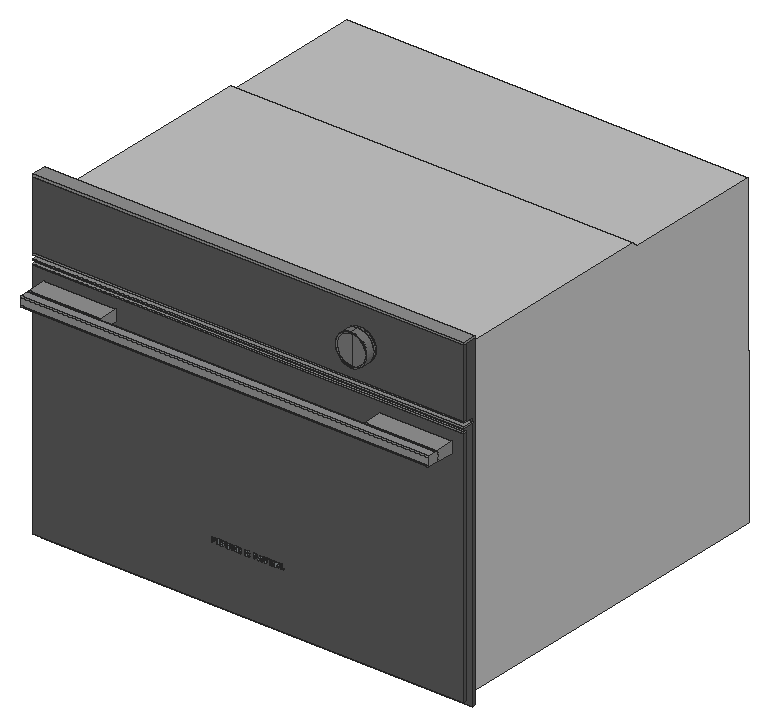
Revit family "FP-Revit19-en-OS60NMTDB1-CombinationSteamOven-0-90003170A-AU-NZ-CN-IE-UK", category Specialty Equipment, Revit 2019
Family settings
  Round Connector Dimension = Use Diameter
  Part Type = Normal
  OmniClass Number = 23.40.40.14.17.11
  OmniClass Title = Cookers, Ovens, Stoves
  Work Plane-Based = No
  Always vertical = Yes
  Cut with Voids When Loaded = Yes
  Shared = No
  Room Calculation Point = No
Parameters (values of type "OS60NMTDB1")
  Visibility - Clearance Required = yes
  URL = "www.fisherpaykel.com"
  Product - Height = 458 mm  # constant formula
  Product - Width = 596 mm  # constant formula
  Product - Depth (Exc. Handles) = 565 mm  # constant formula
  Opening - Height = 460 mm  # constant formula
  Model = "OS60NMTDB1"
  Material - Trim = Fisher & Paykel - Aluminium, Dark
  Material - Structure = Fisher & Paykel - Black
  Material - Handle = Fisher & Paykel - Aluminium, Dark
  Material - Glass = Fisher & Paykel - Glass, Black
  Material - Dial = Fisher & Paykel - Aluminium, Dark, Matt
  Material - Body = Fisher & Paykel - Grey
  Manufacturer = "Fisher & Paykel Appliances"
  FFL Offset [instance] = 900 mm
  Description = "Combination Steam Oven, 60cm, 23 Function"
  Connector Description - Electrical = "220-250V, 50Hz ,15A"
  Chassis - Width = 556 mm  # constant formula
  Chassis - Height = 435 mm  # constant formula
  Chassis - Depth = 545 mm  # constant formula
  Cavity - Width = 560 mm  # constant formula
  Cavity - Height = 440 mm  # constant formula
  Cavity - Depth = 550 mm  # constant formula
Reference planes
  plane 1 "Datum": y = 0
  plane 2: z = -2
  plane 3 "Center (Left/Right)": x = 0
  plane 4 "Product - LHS": x = -298
  plane 5 "Product - RHS": x = 298
  plane 6 "Cavity - RHS": x = 280
  plane 7 "FFL Offset": z = 898
  plane 8 "Chassis - Depth": y = 545
  plane 9 "Front Face": y = -20
  plane 10 "Chassis - Height": z = 1333
  plane 11 "Cavity - Height": z = 1338
  plane 12 "Opening - Height": z = 1358
  plane 13 "Cavity - LHS": x = -280
  plane 14 "Cavity - Depth": y = 550
  plane 15 "Product - Height": z = 1356
  plane 16 "Opening - RHS": x = 300
  plane 17 "Opening - LHS": x = -300
  plane 18 "Chassis - LHS": x = -278
  plane 19 "Chassis RHS": x = 278
Forms (mm)
  Extrusion 1, solid, material "Fisher & Paykel - Grey" <- "Material - Body"
    sketch origin (0, 0, 0) x (0, 1, 0) y (0, 0, 1)
      loop
        line (0, 1333) -> (0, 898) -> (528, 898) -> (528, 948) -> (545, 968) -> (545, 1163) -> (498, 1218) -> (498, 1326) -> (305, 1326) -> (298, 1333) -> (0, 1333)
    from -278 to 278
  Extrusion 2, solid, material "Fisher & Paykel - Black" <- "Material - Structure", detail levels fine
    sketch origin (0, 0, 0) x (0, 1, 0) y (0, 0, 1)
      loop
        line (0, 1352.7) -> (-16, 1352.7) -> (-16, 1256) -> (-4, 1256) -> (-4, 898) -> (0, 898) -> (0, 1352.7)
    from -298 to 298
  Extrusion 3, solid, material "Fisher & Paykel - Glass, Black" <- "Material - Glass", detail levels fine
    sketch origin (0, 0, -3) x (0, 1, 0) y (0, 0, 1)
      loop
        line (-20, 1246.4) -> (-20, 912.8) -> (-16, 912.8) -> (-16, 1246.4) -> (-20, 1246.4)
      loop
        line (-20, 1260.8) -> (-16, 1260.8) -> (-16, 1355.7) -> (-20, 1355.7) -> (-20, 1260.8)
    from -298 to 298
  Extrusion 4, solid, material "Fisher & Paykel - Clearance Required", visible <- "Visibility - Clearance Required", detail levels coarse
    sketch origin (0, 0, -2) x (1, 0, 0) y (0, 1, 0)
      loop
        line (-280, 0) -> (280, 0) -> (280, 550) -> (-280, 550) -> (-280, 0)
    from 900 to 1340
  Extrusion 5, void
    sketch origin (0, 0, 0) x (0, 1, 0) y (0, 0, 1)
      loop
        line (-20, 898) -> (0, 898) -> (0, 1358) -> (-20, 1358) -> (-20, 898)
    from -300 to 300
  Extrusion 6, solid, material "Fisher & Paykel - Grey" <- "Material - Body"
    sketch origin (0, 2, 0) x (0, 1, 0) y (0, 0, 1)
      loop
        line (496, 1293.999) -> (496, 1237) -> (517.999, 1237) -> (517.999, 1293.999) -> (496, 1293.999)
    from -221 to -127
  Extrusion 7, solid, material "Fisher & Paykel - Aluminium, Dark" <- "Material - Trim", detail levels fine
    sketch origin (0, 0, -1.199) x (0, 1, 0) y (0, 0, 1)
      loop
        line (-16, 1257.199) -> (-16, 1258.999) -> (-20, 1258.999) -> (-20, 1257.199) -> (-16, 1257.199)
      loop
        line (-16, 1244.599) -> (-16, 1246.199) -> (-20, 1246.199) -> (-20, 1244.599) -> (-16, 1244.599)
      loop
        line (-4, 1250.799) -> (-4, 1252.399) -> (-20, 1252.399) -> (-20, 1250.799) -> (-4, 1250.799)
      loop
        line (0, 1353.899) -> (0, 1357.199) -> (-20, 1357.199) -> (-20, 1353.899) -> (0, 1353.899)
    from -298 to 298
  Extrusion 8, void
    sketch origin (0, 0, -2) x (1, 0, 0) y (0, 1, 0)
      loop
        line (201.865, 545) -> (229, 498) -> (278, 498) -> (278, 545) -> (201.865, 545)
      loop
        line (-201.865, 545) -> (-278, 545) -> (-278, 498) -> (-229, 498) -> (-201.865, 545)
    from 900 to 1340
  Extrusion 9, solid, material "Fisher & Paykel - Grey" <- "Material - Body"
    sketch origin (0, 6.626, -14.403) x (0, 1, 0) y (0, 0, 1)
      loop
        circle (501.374, 1279.903) r 5
    from -271 to -221
  Extrusion 10, void
    sketch origin (0, 0, -2) x (1, 0, 0) y (0, 1, 0)
      loop
        line (-280, 0) -> (280, 0) -> (280, 550) -> (-280, 550) -> (-280, 0)
    from 900 to 1340
  Extrusion 11, solid, material "Fisher & Paykel - Glass, Black" <- "Material - Glass", detail levels coarse+medium
    sketch origin (0, 0, 0) x (0, 1, 0) y (0, 0, 1)
      loop
        line (0, 1356) -> (-20, 1356) -> (-20, 1256) -> (-4, 1256) -> (-4, 1251.2) -> (-4, 1242.5) -> (-16, 1242.5) -> (-16, 1245) -> (-20, 1245) -> (-20, 909.8) -> (-4, 909.8) -> (-4, 898) -> (0, 898) -> (0, 1356)
    from -298 to 298
  Extrusion 12, solid, material "Fisher & Paykel - Black", detail levels fine
    sketch origin (0, 0, 0) x (0, 1, 0) y (0, 0, 1)
      loop
        line (-16, 1242.5) -> (-16, 909.8) -> (-4, 909.8) -> (-4, 1242.5) -> (-16, 1242.5)
    from -278 to 278
  Extrusion 13, solid, material "Fisher & Paykel - Clearance Required", visible <- "Visibility - Clearance Required", detail levels coarse
    sketch origin (0, 0, -15) x (0, 1, 0) y (0, 0, 1)
      loop
        line (-20, 927.07) -> (-20, 913) -> (0, 913) -> (0, 1373) -> (-20, 1373) -> (-20, 1260)
        arc (-20, 1260) -> (-242.697, 1184.786) -> (-349.951, 975.626) r 312.455
        line (-349.951, 975.626) -> (-323.58, 971.745) -> (-329.921, 928.657) -> (-313.601, 926.256) -> (-307.26, 969.344) -> (-20, 927.07)
    from -300 to 300
Cuts and joins
  Extrusion 8 cuts Extrusion 1
Text (mm)
  text "Due to ongoing product development, product details are subject to change without notice. \nPlease always refer to www.fisherpaykel.com for the most current product information. \n© Fisher & Paykel 2020" at (41.04, -613.295, 0), in view "Ref. Level (Plan)"
Dimensions and locks
  equal spacing: plane 4 "Product - LHS", plane 3 "Center (Left/Right)", plane 5 "Product - RHS"
  "Product - Width": plane 4 "Product - LHS" to plane 5 "Product - RHS"
  "FFL Offset": plane 7 "FFL Offset" to level
  locked: plane 9 "Front Face" to plane 1 "Datum" at 20
  "Cavity - Height": plane 11 "Cavity - Height" to plane 7 "FFL Offset"
  "Chassis - Height": plane 10 "Chassis - Height" to plane 7 "FFL Offset"
  "Cavity - Depth": plane 1 "Datum" to plane 14 "Cavity - Depth"
  "Cavity - Width": plane 13 "Cavity - LHS" to plane 6 "Cavity - RHS"
  Extrusion 5 to Extrusion 3 = 11.8 mm
  "Chassis - Depth": plane 1 "Datum" to plane 8 "Chassis - Depth"
  equal spacing: plane 13 "Cavity - LHS", plane 3 "Center (Left/Right)", plane 6 "Cavity - RHS"
  "Opening - Height": plane 7 "FFL Offset" to plane 12 "Opening - Height"
  "Product - Height": plane 7 "FFL Offset" to plane 15 "Product - Height"
  equal spacing: cut or joined group of Extrusion 1, Extrusion 8, plane 3 "Center (Left/Right)", cut or joined group of Extrusion 1, Extrusion 8
  "Chassis - Width": cut or joined group of Extrusion 1, Extrusion 8 to cut or joined group of Extrusion 1, Extrusion 8
  locked: nested 2 to plane 15 "Product - Height" at 366.018
  locked: plane 15 "Product - Height" to nested 3 at 135
  locked: nested 1 to plane 15 "Product - Height" at 52
  plane 8 "Chassis - Depth" to plane 9 "Front Face" = 565 mm
  aligned and locked: level to plane 2
  aligned and locked: plane 4 "Product - LHS" to Extrusion 3
  aligned and locked: Extrusion 3 to plane 5 "Product - RHS"
  aligned and locked: plane 4 "Product - LHS" to Extrusion 2
  aligned and locked: Extrusion 2 to plane 5 "Product - RHS"
  aligned and locked: Extrusion 1 to plane 7 "FFL Offset"
  aligned and locked: Extrusion 7 to plane 5 "Product - RHS"
  aligned and locked: Extrusion 7 to Extrusion 3
  aligned and locked: Extrusion 5 to Extrusion 3
  aligned and locked: Extrusion 3 to Extrusion 7
  aligned and locked: Extrusion 7 to plane 1 "Datum"
  aligned and locked: plane 9 "Front Face" to Extrusion 5
  aligned and locked: Extrusion 4 to plane 6 "Cavity - RHS"
  aligned and locked: Extrusion 9 to Extrusion 6
  aligned and locked: plane 11 "Cavity - Height" to Extrusion 4
  aligned and locked: Extrusion 5 to plane 12 "Opening - Height"
  aligned and locked: Extrusion 5 to Extrusion 2
  aligned and locked: Extrusion 7 to plane 15 "Product - Height"
  aligned and locked: Extrusion 7 to Extrusion 2
  aligned and locked: Extrusion 8 to Extrusion 1
  aligned and locked: Extrusion 4 to Extrusion 2
  aligned and locked: Extrusion 4 to Extrusion 8
  aligned and locked: Extrusion 4 to plane 7 "FFL Offset"
  aligned and locked: Extrusion 1 to Extrusion 8
  aligned and locked: Extrusion 11 sketch curve to plane 15 "Product - Height"
  aligned and locked: plane 11 "Cavity - Height" to Extrusion 10
  aligned and locked: Extrusion 2 to Extrusion 10
  aligned and locked: plane 10 "Chassis - Height" to Extrusion 1
  aligned and locked: Extrusion 3 to Extrusion 12
  aligned and locked: Extrusion 2 to Extrusion 3
Automatic sketch dimensions
  Extrusion 1 sketch curve to plane 1 "Datum" = 0 mm
  Extrusion 1 sketch curve to plane 10 "Chassis - Height" = 0 mm
  Extrusion 1 sketch curve to plane 7 "FFL Offset" = 0 mm
  Extrusion 1 sketch curve to plane 8 "Chassis - Depth" = 0 mm
  Extrusion 1 sketch curve to Extrusion 1 sketch curve = 7 mm
  Extrusion 1 sketch curve to plane 10 "Chassis - Height" = 7 mm
  plane 7 "FFL Offset" to Extrusion 1 sketch curve = 50 mm
  Extrusion 1 sketch curve to Extrusion 1 sketch curve = 20 mm
  Extrusion 1 sketch curve to Extrusion 1 sketch curve = 163 mm
  Extrusion 1 sketch curve to Extrusion 1 sketch curve = 55 mm
  Extrusion 2 sketch curve to plane 7 "FFL Offset" = 0 mm
  Extrusion 2 sketch curve to plane 1 "Datum" = 0 mm
  plane 1 "Datum" to Extrusion 2 sketch curve = 4 mm
  Extrusion 2 sketch curve to plane 9 "Front Face" = 4 mm
  Extrusion 2 sketch curve to plane 10 "Chassis - Height" = 77 mm
  plane 15 "Product - Height" to Extrusion 2 sketch curve = 3.3 mm
  Extrusion 3 sketch curve to plane 9 "Front Face" = 0 mm  (x2)
  Extrusion 3 sketch curve to Extrusion 3 sketch curve = 4 mm  (x2)
  plane 7 "FFL Offset" to Extrusion 3 sketch curve = 11.8 mm
  Extrusion 3 sketch curve to plane 10 "Chassis - Height" = 89.6 mm
  Extrusion 3 sketch curve to Extrusion 3 sketch curve = 14.4 mm
  plane 15 "Product - Height" to Extrusion 3 sketch curve = 3.3 mm
  Extrusion 4 sketch curve to plane 13 "Cavity - LHS" = 0 mm
  Extrusion 4 sketch curve to plane 6 "Cavity - RHS" = 0 mm
  plane 1 "Datum" to Extrusion 4 sketch curve = 0 mm
  Extrusion 4 sketch curve to plane 14 "Cavity - Depth" = 0 mm
  Extrusion 5 sketch curve to plane 9 "Front Face" = 0 mm
  Extrusion 5 sketch curve to plane 1 "Datum" = 0 mm
  Extrusion 5 sketch curve to plane 7 "FFL Offset" = 0 mm
  plane 12 "Opening - Height" to Extrusion 5 sketch curve = 0 mm
  Extrusion 6 sketch curve to Extrusion 6 sketch curve = 21.999 mm
  Extrusion 6 sketch curve to plane 10 "Chassis - Height" = 96 mm
  Extrusion 6 sketch curve to plane 10 "Chassis - Height" = 39.001 mm
  Extrusion 7 sketch curve to plane 9 "Front Face" = 0 mm  (x4)
  Extrusion 7 sketch curve to plane 1 "Datum" = 0 mm
  plane 15 "Product - Height" to Extrusion 7 sketch curve = 0 mm
  Extrusion 7 sketch curve to Extrusion 7 sketch curve = 4 mm  (x2)
  plane 1 "Datum" to Extrusion 7 sketch curve = 4 mm
  plane 15 "Product - Height" to Extrusion 7 sketch curve = 3.3 mm
  Extrusion 7 sketch curve to plane 10 "Chassis - Height" = 75.2 mm
  Extrusion 7 sketch curve to Extrusion 7 sketch curve = 1.8 mm
  Extrusion 7 sketch curve to Extrusion 7 sketch curve = 4.8 mm
  Extrusion 7 sketch curve to Extrusion 7 sketch curve = 1.6 mm  (x2)
  Extrusion 7 sketch curve to Extrusion 7 sketch curve = 4.6 mm
  Extrusion 8 sketch curve to plane 8 "Chassis - Depth" = 0 mm  (x2)
  Extrusion 8 sketch curve to plane 18 "Chassis - LHS" = 0 mm
  Extrusion 8 sketch curve to plane 19 "Chassis RHS" = 0 mm
  Extrusion 8 sketch curve to Extrusion 8 sketch curve = 49 mm  (x2)
  Extrusion 8 sketch curve to Extrusion 8 sketch curve = 27.135 mm
  Extrusion 8 sketch curve to Extrusion 8 sketch curve = 76.135 mm
  Extrusion 9 sketch curve to plane 10 "Chassis - Height" = 67.5 mm
  Extrusion 10 sketch curve to plane 13 "Cavity - LHS" = 0 mm
  Extrusion 10 sketch curve to plane 6 "Cavity - RHS" = 0 mm
  plane 1 "Datum" to Extrusion 10 sketch curve = 0 mm
  Extrusion 10 sketch curve to plane 14 "Cavity - Depth" = 0 mm
  Extrusion 13 sketch curve to plane 9 "Front Face" = 0 mm  (x2)
  Extrusion 13 sketch curve to plane 1 "Datum" = 0 mm
  Extrusion 13 sketch curve to plane 7 "FFL Offset" = 0 mm
  plane 12 "Opening - Height" to Extrusion 13 sketch curve = 0 mm
  plane 9 "Front Face" to Extrusion 13 sketch curve = 18.71 mm
  plane 7 "FFL Offset" to Extrusion 13 sketch curve = 56.344 mm
  Extrusion 13 sketch curve to Extrusion 13 sketch curve = 268.55 mm
  plane 7 "FFL Offset" to Extrusion 13 sketch curve = 13.256 mm
  Extrusion 13 sketch curve to Extrusion 13 sketch curve = 6.341 mm
  plane 7 "FFL Offset" to Extrusion 13 sketch curve = 58.745 mm
  Extrusion 13 sketch curve to Extrusion 13 sketch curve = 16.32 mm
  plane 7 "FFL Offset" to Extrusion 13 sketch curve = 62.626 mm
  Extrusion 13 sketch curve to Extrusion 13 sketch curve = 21.035 mm
  Extrusion 11 sketch curve to plane 9 "Front Face" = 0 mm  (x2)
  Extrusion 11 sketch curve to plane 7 "FFL Offset" = 0 mm
  Extrusion 11 sketch curve to plane 1 "Datum" = 0 mm
  Extrusion 11 sketch curve to Extrusion 11 sketch curve = 4 mm
  plane 1 "Datum" to Extrusion 11 sketch curve = 4 mm  (x2)
  plane 7 "FFL Offset" to Extrusion 11 sketch curve = 11.8 mm
  Extrusion 11 sketch curve to plane 10 "Chassis - Height" = 90.5 mm
  Extrusion 11 sketch curve to Extrusion 11 sketch curve = 2.5 mm
  Extrusion 11 sketch curve to Extrusion 11 sketch curve = 8.7 mm
  Extrusion 11 sketch curve to Extrusion 11 sketch curve = 11 mm
  Extrusion 12 sketch curve to plane 9 "Front Face" = 4 mm
  plane 1 "Datum" to Extrusion 12 sketch curve = 4 mm
  plane 7 "FFL Offset" to Extrusion 12 sketch curve = 11.8 mm
  Extrusion 12 sketch curve to plane 10 "Chassis - Height" = 90.5 mm
  Extrusion 1 sketch curve to plane 8 "Chassis - Depth" = 247 mm
  Extrusion 1 sketch curve to plane 8 "Chassis - Depth" = 47 mm
  Extrusion 1 sketch curve to plane 8 "Chassis - Depth" = 17 mm
  Extrusion 6 sketch curve to plane 8 "Chassis - Depth" = 47 mm
  Extrusion 8 sketch curve to plane 8 "Chassis - Depth" = 47 mm  (x2)
  Extrusion 9 sketch curve to plane 8 "Chassis - Depth" = 37 mm
  radius of Extrusion 9 sketch curve = 5 mm
Nested families
  nested 1: "F&P Dial Minimal Oven" at (155.3, -20, 1304), type "F&P Dial Minimal Oven"
  nested 2: "F&P Logo 100mm" at (0.044, -20, 987.177), type "Grey"
  nested 3: "F&P Handle Contemporary Square Fine OB60-24" at (0, -20, 1221.022), type "Aluminium Black"
Connectors
  electrical at (-271, 508, 1265.5), driven by "Connector Description - Electrical"
    settings: on Extrusion 9, index 1, voltage 230 V, apparent load 0 VA, apparent load phase1 0 VA, apparent load phase2 0 VA, apparent load phase3 0 VA, power factor 1, load classification "Other", number of poles 1, system type 30, power factor state 1, is connector primary yes, connector utility no, sub classification motor no, connector description "220-250V, 50Hz ,15A"
Definition of nested family "F&P Dial Minimal Oven"
  Parameters (values of type "F&P Dial Minimal Oven")
    URL = "www.fisherpaykel.com"
    Material - Buttons and Dials = none
    Manufacturer = "Fisher & Paykel Appliances"
  Reference planes
    plane 1 "Center (Front/Back)": y = 0
    plane 2: z = 0
    plane 3 "Center (Left/Right)": x = 0
    plane 4: x = 0
    plane 5 "Dial": z = 0
  Forms (mm)
    Revolve 1, solid, material <- "Material - Buttons and Dials", detail levels fine
      sketch origin (0, 0, 0) x (0, 1, 0) y (0, 0, 1)
        loop
          line (-15.2, 0) -> (0, 0) -> (0, 22) -> (-0.8, 22) -> (-0.8, 18.5) -> (-4.2, 18.5) -> (-4.2, 20.136) -> (-4.7, 22) -> (-15.8, 22) -> (-15.8, 21.2) -> (-15.301, 20) -> (-15.301, 0)
        axis (-15.8, 0) -> (0, 0)
      angle from 0 to 360
    Revolve 2, solid, material <- "Material - Buttons and Dials", detail levels coarse+medium
      sketch origin (0, 0, 0) x (0, 1, 0) y (0, 0, 1)
        loop
          line (0, 18.5) -> (-4.2, 18.5) -> (-4.2, 22) -> (-15.8, 22) -> (-15.8, 0) -> (0, 0) -> (0, 18.5)
        axis (-15.8, 0) -> (0, 0)
      angle from 0 to 360
  Dimensions and locks
    aligned and locked: level to plane 2
Definition of nested family "F&P Logo 100mm"
  Parameters (values of type "Grey")
    URL = "www.fisherpaykel.com"
    Material - Logo = none
    Manufacturer = "Fisher & Paykel Appliances"
  Reference planes
    plane 1 "Center (Front/Back)": y = 0
    plane 2: z = 0
    plane 3 "Center (Left/Right)": x = 0
    plane 4 "Logo": z = 2.805
  Forms (mm)
    Extrusion 1, solid, material <- "Material - Logo", detail levels fine
      sketch origin (0, 0, 0) x (1, 0, 0) y (0, 0, 1)
        loop
          line (-50.044, 0) -> (-48.47, 0) -> (-48.47, 2.138) -> (-46.011, 2.138) -> (-46.011, 3.472) -> (-48.47, 3.472) -> (-48.47, 4.712) -> (-45.795, 4.712) -> (-45.795, 6.04) -> (-50.044, 6.04) -> (-50.044, 0)
        loop
          line (-42.804, 6.04) -> (-42.804, 0) -> (-41.23, 0) -> (-41.23, 6.04) -> (-42.804, 6.04)
        loop
          line (-30.724, 6.04) -> (-30.724, 0) -> (-29.151, 0) -> (-29.151, 2.42) -> (-26.839, 2.42) -> (-26.839, 0) -> (-25.265, 0) -> (-25.265, 6.04) -> (-26.839, 6.04) -> (-26.839, 3.748) -> (-29.151, 3.748) -> (-29.151, 6.04) -> (-30.724, 6.04)
        loop
          line (-21.906, 6.04) -> (-21.906, 0) -> (-17.602, 0) -> (-17.602, 1.328) -> (-20.347, 1.328) -> (-20.347, 2.42) -> (-17.838, 2.42) -> (-17.838, 3.748) -> (-20.347, 3.748) -> (-20.347, 4.712) -> (-17.602, 4.712) -> (-17.602, 6.04) -> (-21.906, 6.04)
        loop
          line (45.667, 6.04) -> (45.667, 0) -> (49.956, 0) -> (49.956, 1.328) -> (47.241, 1.328) -> (47.241, 6.04) -> (45.667, 6.04)
        loop
          line (42.431, 6.04) -> (38.112, 6.04) -> (38.112, 0) -> (42.431, 0) -> (42.431, 1.328) -> (39.687, 1.328) -> (39.687, 2.42) -> (42.195, 2.42) -> (42.195, 3.748) -> (39.687, 3.748) -> (39.687, 4.712) -> (42.431, 4.712) -> (42.431, 6.04)
        loop
          line (33.443, 3.137) -> (35.683, 6.04) -> (33.844, 6.04) -> (31.915, 3.542) -> (31.915, 6.04) -> (30.342, 6.04) -> (30.342, 0) -> (31.915, 0) -> (31.915, 2.705) -> (33.903, 0) -> (35.747, 0) -> (33.443, 3.137)
        loop
          line (21.98, 6.04) -> (24.262, 2.42) -> (24.262, 0) -> (25.837, 0) -> (25.837, 2.341) -> (28.119, 6.04) -> (26.446, 6.04) -> (25.099, 3.707) -> (23.753, 6.04) -> (21.98, 6.04)
        loop
          line (18.479, 6.04) -> (16.983, 6.04) -> (14.524, 0) -> (16.069, 0) -> (16.501, 1.112) -> (18.786, 1.112) -> (19.219, 0) -> (20.938, 0) -> (18.479, 6.04)
        loop
          line (18.4, 2.439) -> (17.693, 4.174) -> (17.018, 2.439) -> (18.4, 2.439)
        loop
          line (8.031, 6.04) -> (8.031, 0) -> (9.605, 0) -> (9.605, 1.938) -> (10.599, 1.938)
          arc (10.599, 1.938) -> (12.65, 3.989) -> (10.599, 6.04) r 2.051
          line (10.599, 6.04) -> (8.031, 6.04)
        loop
          line (9.605, 4.712) -> (9.605, 3.197) -> (10.501, 3.197)
          arc (10.501, 3.197) -> (11.259, 3.954) -> (10.501, 4.712) r 0.757
          line (10.501, 4.712) -> (9.605, 4.712)
        loop
          line (-11.783, 6.04) -> (-14.366, 6.04) -> (-14.366, 0) -> (-12.792, 0) -> (-12.792, 1.336) -> (-11.992, 1.336) -> (-10.972, 0) -> (-9.153, 0) -> (-10.694, 1.973)
          arc (-10.694, 1.973) -> (-9.678, 4.424) -> (-11.783, 6.04) r 2.179
        loop
          line (-11.897, 4.712) -> (-12.792, 4.712) -> (-12.792, 3.053) -> (-11.897, 3.053)
          arc (-11.897, 3.053) -> (-11.068, 3.882) -> (-11.897, 4.712) r 0.83
        loop
          line (0.477, 4.712) -> (0.477, 6.153) -> (-3.575, 6.153) -> (-3.575, 4.851) -> (-2.974, 4.112)
          arc (-2.974, 4.112) -> (-3.51, 0.684) -> (-0.045, 0.512) r 2.334
          line (-0.045, 0.512) -> (0.46, -0.109) -> (2.246, -0.109) -> (0.86, 1.594) -> (2.061, 3.324) -> (0.443, 3.324) -> (-0.013, 2.667) -> (-1.677, 4.712) -> (0.477, 4.712)
        loop
          arc (-2.125, 3.068) -> (-2.269, 1.668) -> (-0.868, 1.524) r 0.996
          line (-0.868, 1.524) -> (-2.125, 3.068)
        loop
          line (-35.18, 3.634) -> (-36.516, 3.91)
          arc (-36.516, 3.91) -> (-37.049, 4.443) -> (-36.516, 4.976) r 0.533
          arc (-36.516, 4.976) -> (-35.235, 4.79) -> (-34.059, 4.248) r 4.505
          line (-34.059, 4.248) -> (-34.059, 5.743)
          arc (-34.059, 5.743) -> (-35.549, 6.179) -> (-37.1, 6.109) r 4.726
          arc (-37.1, 6.109) -> (-38.536, 4.335) -> (-37.1, 2.561) r 1.814
          line (-37.1, 2.561) -> (-35.754, 2.282)
          arc (-35.754, 2.282) -> (-35.221, 1.749) -> (-35.754, 1.216) r 0.533
          arc (-35.754, 1.216) -> (-37.035, 1.402) -> (-38.211, 1.945) r 4.505
          line (-38.211, 1.945) -> (-38.211, 0.449)
          arc (-38.211, 0.449) -> (-36.72, 0.013) -> (-35.169, 0.083) r 4.726
          arc (-35.169, 0.083) -> (-33.734, 1.863) -> (-35.18, 3.634) r 1.814
      from 0 to 0.8
  Dimensions and locks
    aligned and locked: level to plane 2
Definition of nested family "F&P Handle Contemporary Square Fine OB60-24"
  Parameters (values of type "Aluminium Black")
    URL = "www.fisherpaykel.com"
    Material - Handle = none
    Manufacturer = "Fisher & Paykel Appliances"
    Handle - Length = 565 mm
  Reference planes
    plane 1 "Center (Front/Back)": y = 0
    plane 2: z = 0
    plane 3 "Center (Left/Right)": x = 0
    plane 4 "Product LHS": x = -282.5
    plane 5 "Product RHS": x = 282.5
    plane 6 "LHS Standoff": x = -182.495
    plane 7 "RHS Standoff": x = 182.505
    plane 8 "Handle centre": z = -0.022
    plane 9: z = -0.022
  Forms (mm)
    Extrusion 1, solid, material <- "Material - Handle", detail levels fine
      sketch origin (0, 0, 0) x (0, 1, 0) y (0, 0, 1)
        loop
          arc (-26.813, 6.16) -> (-27.196, 6.554) -> (-27.728, 6.686) r 1
          line (-27.728, 6.686) -> (-40.035, 6.256)
          arc (-40.035, 6.256) -> (-40.719, 5.951) -> (-41, 5.257) r 1
          line (-41, 5.257) -> (-41, -5.257)
          arc (-41, -5.257) -> (-40.719, -5.951) -> (-40.035, -6.256) r 1
          line (-40.035, -6.256) -> (-27.709, -6.686)
          arc (-27.709, -6.686) -> (-27.175, -6.554) -> (-26.792, -6.158) r 1
          arc (-26.792, -6.158) -> (-25.256, 0.004) -> (-26.813, 6.16) r 13.038
      from -282.5 to 282.5
    Extrusion 2, solid, material <- "Material - Handle", detail levels fine
      sketch origin (0, 0, 0) x (0, 1, 0) y (0, 0, 1)
        loop
          arc (-26.626, -6.008) -> (-26.614, -6.49) -> (-26.2, -6.737) r 0.5
          line (-26.2, -6.737) -> (0, -7.696) -> (0, 7.704) -> (-26.174, 6.747)
          arc (-26.174, 6.747) -> (-26.587, 6.5) -> (-26.6, 6.019) r 0.5
          arc (-26.6, 6.019) -> (-25.156, 0.002) -> (-26.626, -6.008) r 13.136
      from 182.505 to 282.5
    Extrusion 3, solid, material <- "Material - Handle", detail levels coarse+medium
      sketch origin (0, 0, 0) x (1, 0, 0) y (0, 1, 0)
        loop
          line (-282.5, -42) -> (282.5, -42) -> (282.5, 0) -> (182.505, 0) -> (182.505, -26.156) -> (-182.495, -26.156) -> (-182.495, 0) -> (-282.5, 0) -> (-282.5, -42)
      from -8.022 to 7.978
    Extrusion 4, solid, material <- "Material - Handle", detail levels fine
      sketch origin (0, 0, 0) x (0, 1, 0) y (0, 0, 1)
        loop
          arc (-26.626, -6.008) -> (-26.614, -6.49) -> (-26.2, -6.737) r 0.5
          line (-26.2, -6.737) -> (0, -7.696) -> (0, 7.704) -> (-26.174, 6.747)
          arc (-26.174, 6.747) -> (-26.587, 6.5) -> (-26.6, 6.019) r 0.5
          arc (-26.6, 6.019) -> (-25.156, 0.002) -> (-26.626, -6.008) r 13.136
      from -282.5 to -182.495
  Dimensions and locks
    equal spacing: plane 4 "Product LHS", plane 3 "Center (Left/Right)", plane 5 "Product RHS"
    "Handle - Length": plane 4 "Product LHS" to plane 5 "Product RHS"
    locked: plane 4 "Product LHS" to plane 6 "LHS Standoff" at 100.005
    locked: plane 7 "RHS Standoff" to plane 5 "Product RHS" at 99.995
    aligned and locked: level to plane 2
    aligned and locked: Extrusion 1 to plane 5 "Product RHS"
    aligned and locked: plane 4 "Product LHS" to Extrusion 1
    aligned and locked: Extrusion 2 to plane 5 "Product RHS"
    aligned and locked: plane 4 "Product LHS" to Extrusion 3 sketch curve
    aligned and locked: Extrusion 3 sketch curve to plane 5 "Product RHS"
    aligned and locked: Extrusion 3 sketch curve to plane 7 "RHS Standoff"
    aligned and locked: plane 6 "LHS Standoff" to Extrusion 3 sketch curve
    aligned and locked: plane 4 "Product LHS" to Extrusion 4
    aligned and locked: plane 6 "LHS Standoff" to Extrusion 4
    aligned and locked: Extrusion 2 to plane 7 "RHS Standoff"
  Automatic sketch dimensions
    Extrusion 1 sketch curve to level = 5.257 mm
    plane 1 "Center (Front/Back)" to Extrusion 1 sketch curve = 41 mm
    level to Extrusion 1 sketch curve = 6.256 mm
    Extrusion 1 sketch curve to Extrusion 1 sketch curve = 0.965 mm  (x2)
    Extrusion 1 sketch curve to level = 6.256 mm
    Extrusion 1 sketch curve to Extrusion 1 sketch curve = 0.035 mm  (x3)
    Extrusion 1 sketch curve to level = 0.018 mm
    Extrusion 1 sketch curve to Extrusion 1 sketch curve = 1.706 mm
    level to Extrusion 1 sketch curve = 6.686 mm
    Extrusion 1 sketch curve to Extrusion 1 sketch curve = 12.307 mm
    Extrusion 1 sketch curve to level = 6.686 mm
    Extrusion 1 sketch curve to Extrusion 1 sketch curve = 12.326 mm
    Extrusion 1 sketch curve to Extrusion 1 sketch curve = 0.999 mm  (x2)
    Extrusion 1 sketch curve to Extrusion 1 sketch curve = 0 mm
    Extrusion 2 sketch curve to plane 1 "Center (Front/Back)" = 0 mm
    level to Extrusion 2 sketch curve = 6.247 mm
    plane 1 "Center (Front/Back)" to Extrusion 2 sketch curve = 26.155 mm
    level to Extrusion 2 sketch curve = 6.747 mm
    Extrusion 2 sketch curve to Extrusion 2 sketch curve = 0.018 mm  (x2)
    Extrusion 2 sketch curve to level = 6.238 mm
    Extrusion 2 sketch curve to Extrusion 2 sketch curve = 0.026 mm
    Extrusion 2 sketch curve to level = 6.737 mm
    level to Extrusion 2 sketch curve = 0.03 mm
    Extrusion 2 sketch curve to Extrusion 2 sketch curve = 12.11 mm
    Extrusion 2 sketch curve to level = 7.696 mm
    level to Extrusion 2 sketch curve = 7.704 mm
    Extrusion 2 sketch curve to Extrusion 2 sketch curve = 0 mm
    plane 1 "Center (Front/Back)" to Extrusion 3 sketch curve = 42 mm
    Extrusion 3 sketch curve to Extrusion 3 sketch curve = 15.844 mm
    Extrusion 3 sketch curve to Extrusion 3 sketch curve = 26.156 mm  (x2)
    level to Extrusion 4 sketch curve = 0.03 mm
    plane 1 "Center (Front/Back)" to Extrusion 4 sketch curve = 38.291 mm
    Extrusion 4 sketch curve to level = 6.737 mm
    Extrusion 4 sketch curve to Extrusion 4 sketch curve = 12.091 mm
    Extrusion 4 sketch curve to Extrusion 4 sketch curve = 0.018 mm  (x2)
    level to Extrusion 4 sketch curve = 6.747 mm
    Extrusion 4 sketch curve to Extrusion 4 sketch curve = 0.008 mm
    level to Extrusion 4 sketch curve = 7.704 mm
    Extrusion 4 sketch curve to Extrusion 4 sketch curve = 26.174 mm
    Extrusion 4 sketch curve to level = 7.696 mm
    Extrusion 4 sketch curve to Extrusion 4 sketch curve = 0.5 mm  (x2)
    Extrusion 4 sketch curve to Extrusion 4 sketch curve = 0 mm
